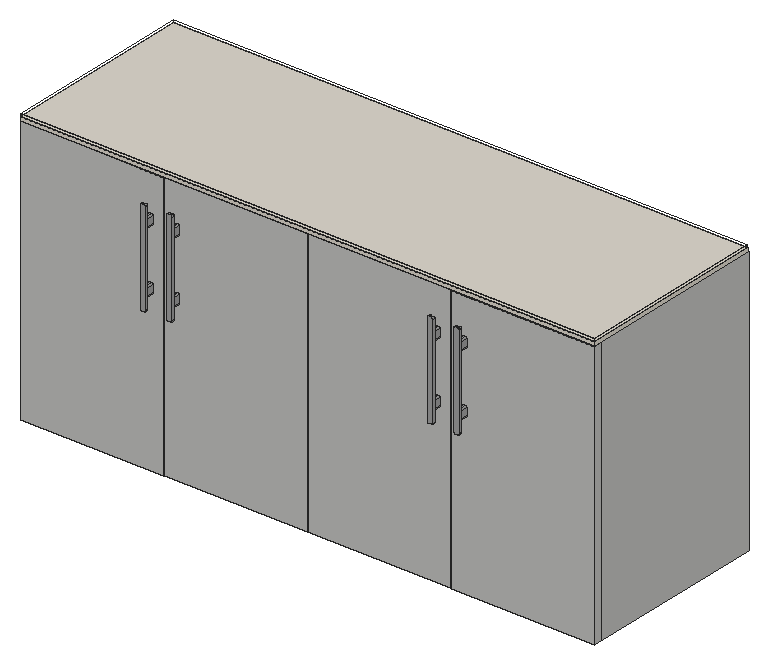
Revit family "Storage-Teknion-CWSC_Credenza_Closed_Cabinet-R2020", category Furniture, Revit 2020
Family settings
  OmniClass Number = 23.40.20.00
  OmniClass Title = General Furniture and Specialties
  Work Plane-Based = No
  Always vertical = Yes
  Cut with Voids When Loaded = No
  Shared = Yes
  Room Calculation Point = No
Parameters (values of type "Has Backpainted Glass Top")
  Width [instance] = 60.000"
  Warranty = "http://www.teknion.com/ca/papers/legal-canada"
  Unit Weight URL = "http://www.teknion.com/ca/tools/assets#&asset=bee6a381-b954-425e-8283-5a2de3a804f2,f828d448-4b62-4231-9e5f-9a8991c0ed77"
  URL = "www.teknion.com"
  Triple Bay [instance] = Width > 89.000"  # no
  Top Finish Note = "Choose a Backpainted glass finish below"
  Top Finish = Back-painted Glass - K1 - Teknion - Storm White
  To render, please download texture images found here [instance] = "https://assets.teknion.com/web/5e81352c1dfdb467/revit-material-swatches/"
  Sustainability Data = "https://www.teknion.com/ca/tools/assets#&topic=216f99a5-57a0-44fc-b10a-9dee9b29ae4c&asset=444deb64-fe58-4b68-981e-f75e97781df7,b4ff2d81-9f2e-437d-9659-7cffb09c31cf"
  Solid Top Visibility = no
  Series = "Custom Wood"
  Pull Finish = Paint - Teknion - Mica - Graphite
  Product Page URL = "https://www.teknion.com/ca/products/product-details?productLineId=0d82026f-8e7a-673b-a6c8-ff05004460c4"
  Product Line = "C+D"
  Product Documentation Link = "https://assets.teknion.com/m/4a760d230ea90aca/original/C-D-Conference-Table-Sell-Sheet.pdf"
  Part Number = "CWSC"
  Model = "CWSC____"
  Manufacturer Phone = "416-661-3370"  # constant formula
  Manufacturer Fax = "416.661.4586"  # constant formula
  Manufacturer Contact Information = "http://www.teknion.com/ca/contactus"
  Manufacturer Address = "1150 Flint Road, Toronto, ON. M3J 2J5. Canada"  # constant formula
  Manufacturer = "Teknion"  # constant formula
  How To Use Teknion Materials User Guide [instance] = "https://assets.teknion.com/m/205dd0a49fa58060/original/How-to-add-a-Material-Library-and-Texture-Images-to-your-Revit-project.pdf"
  Height [instance] = 29.000"
  Glass Top Visibility = yes
  For Additional Finishes, please visit [instance] = "https://assets.teknion.com/m/44a8009b046e5d47/original/Teknion_Materials_Library.zip"
  Double Bay [instance] = Width < 89.000"  # yes
  Description = "Custom Wood Credenza, 1/2\" Top, Closed Cabinet, Backpainted Glass Top"
  Depth [instance] = 20.000"
  Default Elevation = 0.000"
  Case, Back & Front Finish = Laminate - Teknion - RV - Very White
  Available Widths [instance] = "60, 72, 90, and 108 Inches"  # constant formula
  Available Heights [instance] = "29, 36 inches."  # constant formula
  Available Depths [instance] = "20, 24 inches."  # constant formula
  Assembly Code = "E2020200"
  Actual Height [instance] = if(Height = 36.000", 35.834", 29.075")  # 29.075"
Reference planes (in)
  plane 1 "Center Front/Back": y = 0
  plane 2: z = 0
  plane 3 "Center Left/Right": x = 0
  plane 4 "Left": x = -30
  plane 5 "Right": x = 30
  plane 6 "Back": y = 10
  plane 7 "Front": y = -10
  plane 8 "Top": z = 29.075
  plane 9 "Bottom of Cabinet": z = 0.5
  plane 10 "Bottom of Top Surface": z = 28.46
  plane 11 "Top of Drawers": z = 28.38126
  plane 12: x = -10
  plane 13: x = 10
  plane 14: x = -15
  plane 15: x = 15
  plane 16: x = -20
  plane 17: x = 20
  plane 18: y = 7.27953
  plane 19: y = -9.19685
Forms (in)
  Sweep 1, solid, material "Back-painted Glass - K1 - Teknion - Storm White" <- "Top Finish", visible <- "Solid Top Visibility"
    path origin (0, 0, 0) x (1, 0, 0) y (0, 0, 1)
      loop
        line (0, 28.535) -> (0, 29.075)
    profile origin (0, 0, 28.805) x (-1, 0, 0) y (0, -1, 0)
      loop
        line (30, -10) -> (30, 10) -> (-30, 10) -> (-30, -10) -> (30, -10)
  Sweep 2, solid, material "Laminate - Teknion - RV - Very White" <- "Case, Back & Front Finish"
    path origin (0, 0, 0) x (1, 0, 0) y (0, 0, 1)
      loop
        line (0, 0.5) -> (0, 28.46)
    profile origin (0, 0, 14.48) x (-1, 0, 0) y (0, -1, 0)
      loop
        line (30, -10) -> (30, 9.19685) -> (29.27559, 9.19685) -> (29.27559, -10) -> (30, -10)
      loop
        line (-30, -10) -> (-29.27559, -10) -> (-29.27559, 9.19685) -> (-30, 9.19685) -> (-30, -10)
  Sweep 3, solid, material "Laminate - Teknion - RV - Very White" <- "Case, Back & Front Finish", visible <- "Double Bay"
    path origin (0, 0, 0) x (1, 0, 0) y (0, 1, 0)
      loop
        line (0, -10) -> (0, -9.27559)
    profile origin (0, -9.6378, 0) x (-1, 0, 0) y (0, 0, 1)
      loop
        line (30, 28.38126) -> (15.03937, 28.38126) -> (15.03937, 0.5) -> (30, 0.5) -> (30, 28.38126)
      loop
        line (0, 0.5) -> (14.96063, 0.5) -> (14.96063, 28.38126) -> (0, 28.38126) -> (0, 0.5)
  Sweep 4, solid, material "Laminate - Teknion - RV - Very White" <- "Case, Back & Front Finish", visible <- "Double Bay"
    path origin (0, 0, 0) x (1, 0, 0) y (0, 0, 1)
      loop
        line (0, 0.5) -> (0, 27.73559)
    profile origin (0, 0, 14.1178) x (-1, 0, 0) y (0, -1, 0)
      loop
        line (29.27559, -8) -> (29.27559, -7.27953) -> (0, -7.27953) -> (0, -8) -> (29.27559, -8)
  Sweep 5, solid, material "Laminate - Teknion - RV - Very White" <- "Case, Back & Front Finish", visible <- "Double Bay"
    path origin (0, 0, 0) x (1, 0, 0) y (0, 0, 1)
      loop
        line (0, 0.5) -> (0, 27.73559)
    profile origin (0, 0, 14.1178) x (-1, 0, 0) y (0, -1, 0)
      loop
        line (0, -8) -> (0, -7.27953) -> (-29.27559, -7.27953) -> (-29.27559, -8) -> (0, -8)
  Sweep 6, solid, material "Laminate - Teknion - RV - Very White" <- "Case, Back & Front Finish", visible <- "Triple Bay"
    path origin (0, 0, 0) x (1, 0, 0) y (0, 0, 1)
      loop
        line (0, 0.5) -> (0, 27.73559)
    profile origin (0, 0, 14.1178) x (-1, 0, 0) y (0, -1, 0)
      loop
        line (29.27559, -8) -> (29.27559, -7.27953) -> (10, -7.27953) -> (10, -8) -> (29.27559, -8)
  Sweep 7, solid, material "Laminate - Teknion - RV - Very White" <- "Case, Back & Front Finish", visible <- "Triple Bay"
    path origin (0, 0, 0) x (1, 0, 0) y (0, 0, 1)
      loop
        line (0, 0.5) -> (0, 27.81059)
    profile origin (0, 0, 14.1553) x (-1, 0, 0) y (0, -1, 0)
      loop
        line (10, -8) -> (10, -7.27953) -> (-10, -7.27953) -> (-10, -8) -> (10, -8)
  Sweep 8, solid, material "Laminate - Teknion - RV - Very White" <- "Case, Back & Front Finish", visible <- "Triple Bay"
    path origin (0, 0, 0) x (1, 0, 0) y (0, 0, 1)
      loop
        line (0, 0.5) -> (0, 27.81059)
    profile origin (0, 0, 14.1553) x (-1, 0, 0) y (0, -1, 0)
      loop
        line (-10, -8) -> (-10, -7.27953) -> (-29.27559, -7.27953) -> (-29.27559, -8) -> (-10, -8)
  Sweep 9, solid, material "Laminate - Teknion - RV - Very White" <- "Case, Back & Front Finish", visible <- "Double Bay"
    path origin (0, 0, 0) x (1, 0, 0) y (0, 1, 0)
      loop
        line (0, -10) -> (0, -9.27559)
    profile origin (0, -9.6378, 0) x (-1, 0, 0) y (0, 0, 1)
      loop
        line (0, 28.38126) -> (-14.96063, 28.38126) -> (-14.96063, 0.5) -> (0, 0.5) -> (0, 28.38126)
      loop
        line (-30, 0.5) -> (-15.03937, 0.5) -> (-15.03937, 28.38126) -> (-30, 28.38126) -> (-30, 0.5)
  Sweep 10, solid, material "Laminate - Teknion - RV - Very White" <- "Case, Back & Front Finish", visible <- "Triple Bay"
    path origin (0, 0, 0) x (1, 0, 0) y (0, 1, 0)
      loop
        line (0, -10) -> (0, -9.27559)
    profile origin (0, -9.6378, 0) x (-1, 0, 0) y (0, 0, 1)
      loop
        line (30, 28.38126) -> (20.03937, 28.38126) -> (20.03937, 0.5) -> (30, 0.5) -> (30, 28.38126)
      loop
        line (10, 28.38126) -> (10, 0.5) -> (19.96063, 0.5) -> (19.96063, 28.38126) -> (10, 28.38126)
  Sweep 11, solid, material "Laminate - Teknion - RV - Very White" <- "Case, Back & Front Finish", visible <- "Triple Bay"
    path origin (0, 0, 0) x (1, 0, 0) y (0, 1, 0)
      loop
        line (0, -10) -> (0, -9.27559)
    profile origin (0, -9.6378, 0) x (-1, 0, 0) y (0, 0, 1)
      loop
        line (0.03937, 28.38126) -> (0.03937, 0.5) -> (10, 0.5) -> (10, 28.38126) -> (0.03937, 28.38126)
      loop
        line (-0.03937, 0.5) -> (-0.03937, 28.38126) -> (-10, 28.38126) -> (-10, 0.5) -> (-0.03937, 0.5)
  Sweep 12, solid, material "Laminate - Teknion - RV - Very White" <- "Case, Back & Front Finish", visible <- "Triple Bay"
    path origin (0, 0, 0) x (1, 0, 0) y (0, 1, 0)
      loop
        line (0, -10) -> (0, -9.27559)
    profile origin (0, -9.6378, 0) x (-1, 0, 0) y (0, 0, 1)
      loop
        line (-19.96063, 28.38126) -> (-19.96063, 0.5) -> (-10, 0.5) -> (-10, 28.38126) -> (-19.96063, 28.38126)
      loop
        line (-20.03937, 0.5) -> (-20.03937, 28.38126) -> (-30, 28.38126) -> (-30, 0.5) -> (-20.03937, 0.5)
  Sweep 13, solid, material "Laminate - Teknion - RV - Very White" <- "Case, Back & Front Finish", visible <- "Double Bay"
    path origin (0, 0, 0) x (1, 0, 0) y (0, 1, 0)
      loop
        line (0, -9.19685) -> (0, 10)
    profile origin (0, 0.40157, 0) x (-1, 0, 0) y (0, 0, 1)
      loop
        line (29.27559, 28.46) -> (0, 28.46) -> (0, 27.73559) -> (29.27559, 27.73559) -> (29.27559, 28.46)
  Sweep 14, solid, material "Laminate - Teknion - RV - Very White" <- "Case, Back & Front Finish", visible <- "Double Bay"
    path origin (0, 0, 0) x (1, 0, 0) y (0, 1, 0)
      loop
        line (0, -9.19685) -> (0, 10)
    profile origin (0, 0.40157, 0) x (-1, 0, 0) y (0, 0, 1)
      loop
        line (0, 28.46) -> (-29.27559, 28.46) -> (-29.27559, 27.73559) -> (0, 27.73559) -> (0, 28.46)
  Sweep 15, solid, material "Laminate - Teknion - RV - Very White" <- "Case, Back & Front Finish", visible <- "Triple Bay"
    path origin (0, 0, 0) x (1, 0, 0) y (0, 1, 0)
      loop
        line (0, -9.19685) -> (0, 10)
    profile origin (0, 0.40157, 0) x (-1, 0, 0) y (0, 0, 1)
      loop
        line (10, 28.46) -> (10, 27.73559) -> (29.27559, 27.73559) -> (29.27559, 28.46) -> (10, 28.46)
      loop
        line (-10, 28.46) -> (-29.27559, 28.46) -> (-29.27559, 27.73559) -> (-10, 27.73559) -> (-10, 28.46)
  Sweep 16, solid, material "Laminate - Teknion - RV - Very White" <- "Case, Back & Front Finish", visible <- "Triple Bay"
    path origin (0, 0, 0) x (1, 0, 0) y (0, 1, 0)
      loop
        line (0, -9.19685) -> (0, 10)
    profile origin (0, 0.40157, 0) x (-1, 0, 0) y (0, 0, 1)
      loop
        line (10, 28.46) -> (-10, 28.46) -> (-10, 27.73559) -> (10, 27.73559) -> (10, 28.46)
  Sweep 17, solid, material "Laminate - Teknion - RV - Very White" <- "Case, Back & Front Finish", visible <- "Double Bay"
    path origin (0, 0, 0) x (1, 0, 0) y (0, 0, 1)
      loop
        line (0, 1.77559) -> (0, 2.5)
    profile origin (0, 0, 2.1378) x (-1, 0, 0) y (0, -1, 0)
      loop
        line (29.27559, -7.27953) -> (29.27559, 8.47244) -> (0.72441, 8.47244) -> (0.72441, -7.27953) -> (29.27559, -7.27953)
      loop
        line (-0.72441, -7.27953) -> (-0.72441, 8.47244) -> (-29.27559, 8.47244) -> (-29.27559, -7.27953) -> (-0.72441, -7.27953)
  Sweep 18, solid, material "Laminate - Teknion - RV - Very White" <- "Case, Back & Front Finish", visible <- "Triple Bay"
    path origin (0, 0, 0) x (1, 0, 0) y (0, 0, 1)
      loop
        line (0, 1.77559) -> (0, 2.5)
    profile origin (0, 0, 2.1378) x (-1, 0, 0) y (0, -1, 0)
      loop
        line (-9.27559, 8.47244) -> (-9.27559, -7.27953) -> (9.27559, -7.27953) -> (9.27559, 8.47244) -> (-9.27559, 8.47244)
      loop
        line (-10.72441, -7.27953) -> (-10.72441, 8.47244) -> (-29.27559, 8.47244) -> (-29.27559, -7.27953) -> (-10.72441, -7.27953)
      loop
        line (10.72441, 8.47244) -> (10.72441, -7.27953) -> (29.27559, -7.27953) -> (29.27559, 8.47244) -> (10.72441, 8.47244)
  Sweep 19, solid, material "Laminate - Teknion - RV - Very White" <- "Case, Back & Front Finish", visible <- "Double Bay"
    path origin (0, 0, 0) x (1, 0, 0) y (0, 1, 0)
      loop
        line (0, -9.19685) -> (0, -8.47244)
    profile origin (0, -8.83465, 0) x (-1, 0, 0) y (0, 0, 1)
      loop
        line (29.27559, 2.5) -> (0.72441, 2.5) -> (0.72441, 0.5) -> (29.27559, 0.5) -> (29.27559, 2.5)
      loop
        line (-0.72441, 2.5) -> (-29.27559, 2.5) -> (-29.27559, 0.5) -> (-0.72441, 0.5) -> (-0.72441, 2.5)
  Sweep 20, solid, material "Laminate - Teknion - RV - Very White" <- "Case, Back & Front Finish", visible <- "Triple Bay"
    path origin (0, 0, 0) x (1, 0, 0) y (0, 1, 0)
      loop
        line (0, -9.19685) -> (0, -8.47244)
    profile origin (0, -8.83465, 0) x (-1, 0, 0) y (0, 0, 1)
      loop
        line (-9.27559, 2.5) -> (-9.27559, 0.5) -> (9.27559, 0.5) -> (9.27559, 2.5) -> (-9.27559, 2.5)
      loop
        line (-10.72441, 2.5) -> (-29.27559, 2.5) -> (-29.27559, 0.5) -> (-10.72441, 0.5) -> (-10.72441, 2.5)
      loop
        line (10.72441, 2.5) -> (10.72441, 0.5) -> (29.27559, 0.5) -> (29.27559, 2.5) -> (10.72441, 2.5)
  Sweep 21, solid, material "Laminate - Teknion - RV - Very White" <- "Case, Back & Front Finish", visible <- "Double Bay"
    path origin (0, 0, 0) x (1, 0, 0) y (0, 1, 0)
      loop
        line (0, -9.19685) -> (0, 7.27953)
    profile origin (0, -0.95866, 0) x (-1, 0, 0) y (0, 0, 1)
      loop
        line (0.72441, 27.73559) -> (0, 27.73559) -> (0, 0.5) -> (0.72441, 0.5) -> (0.72441, 27.73559)
  Sweep 22, solid, material "Laminate - Teknion - RV - Very White" <- "Case, Back & Front Finish", visible <- "Double Bay"
    path origin (0, 0, 0) x (1, 0, 0) y (0, 1, 0)
      loop
        line (0, -9.19685) -> (0, 7.27953)
    profile origin (0, -0.95866, 0) x (-1, 0, 0) y (0, 0, 1)
      loop
        line (0, 0.5) -> (0, 27.73559) -> (-0.72441, 27.73559) -> (-0.72441, 0.5) -> (0, 0.5)
  Sweep 23, solid, material "Laminate - Teknion - RV - Very White" <- "Case, Back & Front Finish", visible <- "Triple Bay"
    path origin (0, 0, 0) x (1, 0, 0) y (0, 1, 0)
      loop
        line (0, -9.19685) -> (0, 7.27953)
    profile origin (0, -0.95866, 0) x (-1, 0, 0) y (0, 0, 1)
      loop
        line (10.72441, 27.73559) -> (10, 27.73559) -> (10, 0.5) -> (10.72441, 0.5) -> (10.72441, 27.73559)
      loop
        line (-10.72441, 27.73559) -> (-10.72441, 0.5) -> (-10, 0.5) -> (-10, 27.73559) -> (-10.72441, 27.73559)
  Sweep 24, solid, material "Laminate - Teknion - RV - Very White" <- "Case, Back & Front Finish", visible <- "Triple Bay"
    path origin (0, 0, 0) x (1, 0, 0) y (0, 1, 0)
      loop
        line (0, -9.19685) -> (0, 7.27953)
    profile origin (0, -0.95866, 0) x (-1, 0, 0) y (0, 0, 1)
      loop
        line (9.27559, 27.73559) -> (9.27559, 0.5) -> (10, 0.5) -> (10, 27.73559) -> (9.27559, 27.73559)
      loop
        line (-9.27559, 27.73559) -> (-10, 27.73559) -> (-10, 0.5) -> (-9.27559, 0.5) -> (-9.27559, 27.73559)
  Sweep 25, solid, material "Paint - Teknion - Foundation - Ebony"
    path origin (0, 0, 0) x (1, 0, 0) y (0, 0, 1)
      loop
        line (0, 0) -> (0, 1.77559)
    profile origin (0, 0, 0.8878) x (-1, 0, 0) y (0, -1, 0)
      loop
        circle (28.2795, -6.25023) r 0.5
      loop
        circle (28.2795, 7.4475) r 0.5
      loop
        circle (-28.2795, -6.25023) r 0.5
      loop
        circle (-28.2795, 7.4475) r 0.5
  Sweep 26, solid, material "Paint - Teknion - Foundation - Ebony", visible <- "Double Bay"
    path origin (0, 0, 0) x (1, 0, 0) y (0, 0, 1)
      loop
        line (0, 0) -> (0, 1.77559)
    profile origin (0, 0, 0.8878) x (-1, 0, 0) y (0, -1, 0)
      loop
        circle (1.7205, -6.25023) r 0.5
      loop
        circle (-1.7205, -6.25023) r 0.5
      loop
        circle (1.7205, 7.4475) r 0.5
      loop
        circle (-1.7205, 7.4475) r 0.5
  Sweep 27, solid, material "Paint - Teknion - Foundation - Ebony", visible <- "Triple Bay"
    path origin (0, 0, 0) x (1, 0, 0) y (0, 0, 1)
      loop
        line (0, 0) -> (0, 1.77559)
    profile origin (0, 0, 0.8878) x (-1, 0, 0) y (0, -1, 0)
      loop
        circle (11.7205, -6.25023) r 0.5
      loop
        circle (11.7205, 7.4475) r 0.5
      loop
        circle (8.2795, -6.25023) r 0.5
      loop
        circle (8.2795, 7.4475) r 0.5
      loop
        circle (-8.2795, -6.25023) r 0.5
      loop
        circle (-8.2795, 7.4475) r 0.5
      loop
        circle (-11.7205, -6.25023) r 0.5
      loop
        circle (-11.7205, 7.4475) r 0.5
  Sweep 28, solid, material "Paint - Teknion - Mica - Graphite" <- "Pull Finish", visible <- "Double Bay"
    path origin (0, 0, 0) x (1, 0, 0) y (0, 1, 0)
      loop
        line (0, -11.00394) -> (0, -10.81363)
    profile origin (0, -10.90878, 0) x (-1, 0, 0) y (0, 0, 1)
      loop
        line (13.75984, 25.85783) -> (13.48425, 25.85783)
        arc (13.48425, 25.85783) -> (13.38682, 25.81748) -> (13.34646, 25.72004) r 0.1378
        line (13.34646, 25.72004) -> (13.34646, 15.99563)
        arc (13.34646, 15.99563) -> (13.38682, 15.89819) -> (13.48425, 15.85783) r 0.1378
        line (13.48425, 15.85783) -> (13.75984, 15.85783)
        arc (13.75984, 15.85783) -> (13.85728, 15.89819) -> (13.89764, 15.99563) r 0.1378
        line (13.89764, 15.99563) -> (13.89764, 25.72004)
        arc (13.89764, 25.72004) -> (13.85728, 25.81748) -> (13.75984, 25.85783) r 0.1378
      loop
        line (16.24016, 15.85783) -> (16.51575, 15.85783)
        arc (16.51575, 15.85783) -> (16.61318, 15.89819) -> (16.65354, 15.99563) r 0.1378
        line (16.65354, 15.99563) -> (16.65354, 25.72004)
        arc (16.65354, 25.72004) -> (16.61318, 25.81748) -> (16.51575, 25.85783) r 0.1378
        line (16.51575, 25.85783) -> (16.24016, 25.85783)
        arc (16.24016, 25.85783) -> (16.14272, 25.81748) -> (16.10236, 25.72004) r 0.1378
        line (16.10236, 25.72004) -> (16.10236, 15.99563)
        arc (16.10236, 15.99563) -> (16.14272, 15.89819) -> (16.24016, 15.85783) r 0.1378
      loop
        arc (-13.75984, 25.85783) -> (-13.85728, 25.81748) -> (-13.89764, 25.72004) r 0.1378
        line (-13.89764, 25.72004) -> (-13.89764, 15.99563)
        arc (-13.89764, 15.99563) -> (-13.85728, 15.89819) -> (-13.75984, 15.85783) r 0.1378
        line (-13.75984, 15.85783) -> (-13.48425, 15.85783)
        arc (-13.48425, 15.85783) -> (-13.38682, 15.89819) -> (-13.34646, 15.99563) r 0.1378
        line (-13.34646, 15.99563) -> (-13.34646, 25.72004)
        arc (-13.34646, 25.72004) -> (-13.38682, 25.81748) -> (-13.48425, 25.85783) r 0.1378
        line (-13.48425, 25.85783) -> (-13.75984, 25.85783)
      loop
        arc (-16.24016, 15.85783) -> (-16.14272, 15.89819) -> (-16.10236, 15.99563) r 0.1378
        line (-16.10236, 15.99563) -> (-16.10236, 25.72004)
        arc (-16.10236, 25.72004) -> (-16.14272, 25.81748) -> (-16.24016, 25.85783) r 0.1378
        line (-16.24016, 25.85783) -> (-16.51575, 25.85783)
        arc (-16.51575, 25.85783) -> (-16.61318, 25.81748) -> (-16.65354, 25.72004) r 0.1378
        line (-16.65354, 25.72004) -> (-16.65354, 15.99563)
        arc (-16.65354, 15.99563) -> (-16.61318, 15.89819) -> (-16.51575, 15.85783) r 0.1378
        line (-16.51575, 15.85783) -> (-16.24016, 15.85783)
  Sweep 29, solid, material "Paint - Teknion - Mica - Graphite" <- "Pull Finish", visible <- "Double Bay"
    path origin (0, 0, 0) x (1, 0, 0) y (0, 1, 0)
      loop
        line (0, -10.81363) -> (0, -10)
    profile origin (0, -10.40682, 0) x (-1, 0, 0) y (0, 0, 1)
      loop
        line (16.43701, 24.54799) -> (16.3189, 24.54799)
        arc (16.3189, 24.54799) -> (16.2177, 24.50608) -> (16.17579, 24.40488) r 0.14311
        line (16.17579, 24.40488) -> (16.17579, 23.61748)
        arc (16.17579, 23.61748) -> (16.2177, 23.51629) -> (16.3189, 23.47437) r 0.14311
        line (16.3189, 23.47437) -> (16.43701, 23.47437)
        arc (16.43701, 23.47437) -> (16.5382, 23.51629) -> (16.58012, 23.61748) r 0.14311
        line (16.58012, 23.61748) -> (16.58012, 24.40488)
        arc (16.58012, 24.40488) -> (16.5382, 24.50608) -> (16.43701, 24.54799) r 0.14311
      loop
        arc (13.56299, 24.54799) -> (13.4618, 24.50608) -> (13.41988, 24.40488) r 0.14311
        line (13.41988, 24.40488) -> (13.41988, 23.61748)
        arc (13.41988, 23.61748) -> (13.4618, 23.51629) -> (13.56299, 23.47437) r 0.14311
        line (13.56299, 23.47437) -> (13.6811, 23.47437)
        arc (13.6811, 23.47437) -> (13.7823, 23.51629) -> (13.82421, 23.61748) r 0.14311
        line (13.82421, 23.61748) -> (13.82421, 24.40488)
        arc (13.82421, 24.40488) -> (13.7823, 24.50608) -> (13.6811, 24.54799) r 0.14311
        line (13.6811, 24.54799) -> (13.56299, 24.54799)
      loop
        line (16.43701, 18.09099) -> (16.3189, 18.09099)
        arc (16.3189, 18.09099) -> (16.2177, 18.04907) -> (16.17579, 17.94788) r 0.14311
        line (16.17579, 17.94788) -> (16.17579, 17.16047)
        arc (16.17579, 17.16047) -> (16.2177, 17.05928) -> (16.3189, 17.01736) r 0.14311
        line (16.3189, 17.01736) -> (16.43701, 17.01736)
        arc (16.43701, 17.01736) -> (16.5382, 17.05928) -> (16.58012, 17.16047) r 0.14311
        line (16.58012, 17.16047) -> (16.58012, 17.94788)
        arc (16.58012, 17.94788) -> (16.5382, 18.04907) -> (16.43701, 18.09099) r 0.14311
      loop
        arc (13.56299, 18.09099) -> (13.4618, 18.04907) -> (13.41988, 17.94788) r 0.14311
        line (13.41988, 17.94788) -> (13.41988, 17.16047)
        arc (13.41988, 17.16047) -> (13.4618, 17.05928) -> (13.56299, 17.01736) r 0.14311
        line (13.56299, 17.01736) -> (13.6811, 17.01736)
        arc (13.6811, 17.01736) -> (13.7823, 17.05928) -> (13.82421, 17.16047) r 0.14311
        line (13.82421, 17.16047) -> (13.82421, 17.94788)
        arc (13.82421, 17.94788) -> (13.7823, 18.04907) -> (13.6811, 18.09099) r 0.14311
        line (13.6811, 18.09099) -> (13.56299, 18.09099)
      loop
        arc (-16.43701, 24.54799) -> (-16.5382, 24.50608) -> (-16.58012, 24.40488) r 0.14311
        line (-16.58012, 24.40488) -> (-16.58012, 23.61748)
        arc (-16.58012, 23.61748) -> (-16.5382, 23.51629) -> (-16.43701, 23.47437) r 0.14311
        line (-16.43701, 23.47437) -> (-16.3189, 23.47437)
        arc (-16.3189, 23.47437) -> (-16.2177, 23.51629) -> (-16.17579, 23.61748) r 0.14311
        line (-16.17579, 23.61748) -> (-16.17579, 24.40488)
        arc (-16.17579, 24.40488) -> (-16.2177, 24.50608) -> (-16.3189, 24.54799) r 0.14311
        line (-16.3189, 24.54799) -> (-16.43701, 24.54799)
      loop
        line (-13.56299, 24.54799) -> (-13.6811, 24.54799)
        arc (-13.6811, 24.54799) -> (-13.7823, 24.50608) -> (-13.82421, 24.40488) r 0.14311
        line (-13.82421, 24.40488) -> (-13.82421, 23.61748)
        arc (-13.82421, 23.61748) -> (-13.7823, 23.51629) -> (-13.6811, 23.47437) r 0.14311
        line (-13.6811, 23.47437) -> (-13.56299, 23.47437)
        arc (-13.56299, 23.47437) -> (-13.4618, 23.51629) -> (-13.41988, 23.61748) r 0.14311
        line (-13.41988, 23.61748) -> (-13.41988, 24.40488)
        arc (-13.41988, 24.40488) -> (-13.4618, 24.50608) -> (-13.56299, 24.54799) r 0.14311
      loop
        arc (-16.43701, 18.09099) -> (-16.5382, 18.04907) -> (-16.58012, 17.94788) r 0.14311
        line (-16.58012, 17.94788) -> (-16.58012, 17.16047)
        arc (-16.58012, 17.16047) -> (-16.5382, 17.05928) -> (-16.43701, 17.01736) r 0.14311
        line (-16.43701, 17.01736) -> (-16.3189, 17.01736)
        arc (-16.3189, 17.01736) -> (-16.2177, 17.05928) -> (-16.17579, 17.16047) r 0.14311
        line (-16.17579, 17.16047) -> (-16.17579, 17.94788)
        arc (-16.17579, 17.94788) -> (-16.2177, 18.04907) -> (-16.3189, 18.09099) r 0.14311
        line (-16.3189, 18.09099) -> (-16.43701, 18.09099)
      loop
        line (-13.56299, 18.09099) -> (-13.6811, 18.09099)
        arc (-13.6811, 18.09099) -> (-13.7823, 18.04907) -> (-13.82421, 17.94788) r 0.14311
        line (-13.82421, 17.94788) -> (-13.82421, 17.16047)
        arc (-13.82421, 17.16047) -> (-13.7823, 17.05928) -> (-13.6811, 17.01736) r 0.14311
        line (-13.6811, 17.01736) -> (-13.56299, 17.01736)
        arc (-13.56299, 17.01736) -> (-13.4618, 17.05928) -> (-13.41988, 17.16047) r 0.14311
        line (-13.41988, 17.16047) -> (-13.41988, 17.94788)
        arc (-13.41988, 17.94788) -> (-13.4618, 18.04907) -> (-13.56299, 18.09099) r 0.14311
  Sweep 30, solid, material "Paint - Teknion - Mica - Graphite" <- "Pull Finish", visible <- "Triple Bay"
    path origin (0, 0, 0) x (1, 0, 0) y (0, 1, 0)
      loop
        line (0, -11.00394) -> (0, -10.81363)
    profile origin (0, -10.90878, 0) x (-1, 0, 0) y (0, 0, 1)
      loop
        line (21.51665, 25.85783) -> (21.24106, 25.85783)
        arc (21.24106, 25.85783) -> (21.14363, 25.81748) -> (21.10327, 25.72004) r 0.1378
        line (21.10327, 25.72004) -> (21.10327, 15.99563)
        arc (21.10327, 15.99563) -> (21.14363, 15.89819) -> (21.24106, 15.85783) r 0.1378
        line (21.24106, 15.85783) -> (21.51665, 15.85783)
        arc (21.51665, 15.85783) -> (21.61409, 15.89819) -> (21.65445, 15.99563) r 0.1378
        line (21.65445, 15.99563) -> (21.65445, 25.72004)
        arc (21.65445, 25.72004) -> (21.61409, 25.81748) -> (21.51665, 25.85783) r 0.1378
      loop
        line (18.4853, 15.85783) -> (18.76089, 15.85783)
        arc (18.76089, 15.85783) -> (18.85833, 15.89819) -> (18.89869, 15.99563) r 0.1378
        line (18.89869, 15.99563) -> (18.89869, 25.72004)
        arc (18.89869, 25.72004) -> (18.85833, 25.81748) -> (18.76089, 25.85783) r 0.1378
        line (18.76089, 25.85783) -> (18.4853, 25.85783)
        arc (18.4853, 25.85783) -> (18.38786, 25.81748) -> (18.3475, 25.72004) r 0.1378
        line (18.3475, 25.72004) -> (18.3475, 15.99563)
        arc (18.3475, 15.99563) -> (18.38786, 15.89819) -> (18.4853, 15.85783) r 0.1378
      loop
        arc (-21.51665, 25.85783) -> (-21.61409, 25.81748) -> (-21.65445, 25.72004) r 0.1378
        line (-21.65445, 25.72004) -> (-21.65445, 15.99563)
        arc (-21.65445, 15.99563) -> (-21.61409, 15.89819) -> (-21.51665, 15.85783) r 0.1378
        line (-21.51665, 15.85783) -> (-21.24106, 15.85783)
        arc (-21.24106, 15.85783) -> (-21.14363, 15.89819) -> (-21.10327, 15.99563) r 0.1378
        line (-21.10327, 15.99563) -> (-21.10327, 25.72004)
        arc (-21.10327, 25.72004) -> (-21.14363, 25.81748) -> (-21.24106, 25.85783) r 0.1378
        line (-21.24106, 25.85783) -> (-21.51665, 25.85783)
      loop
        arc (-18.4853, 15.85783) -> (-18.38786, 15.89819) -> (-18.3475, 15.99563) r 0.1378
        line (-18.3475, 15.99563) -> (-18.3475, 25.72004)
        arc (-18.3475, 25.72004) -> (-18.38786, 25.81748) -> (-18.4853, 25.85783) r 0.1378
        line (-18.4853, 25.85783) -> (-18.76089, 25.85783)
        arc (-18.76089, 25.85783) -> (-18.85833, 25.81748) -> (-18.89869, 25.72004) r 0.1378
        line (-18.89869, 25.72004) -> (-18.89869, 15.99563)
        arc (-18.89869, 15.99563) -> (-18.85833, 15.89819) -> (-18.76089, 15.85783) r 0.1378
        line (-18.76089, 15.85783) -> (-18.4853, 15.85783)
      loop
        line (1.51665, 25.85783) -> (1.24106, 25.85783)
        arc (1.24106, 25.85783) -> (1.14363, 25.81748) -> (1.10327, 25.72004) r 0.1378
        line (1.10327, 25.72004) -> (1.10327, 15.99563)
        arc (1.10327, 15.99563) -> (1.14363, 15.89819) -> (1.24106, 15.85783) r 0.1378
        line (1.24106, 15.85783) -> (1.51665, 15.85783)
        arc (1.51665, 15.85783) -> (1.61409, 15.89819) -> (1.65445, 15.99563) r 0.1378
        line (1.65445, 15.99563) -> (1.65445, 25.72004)
        arc (1.65445, 25.72004) -> (1.61409, 25.81748) -> (1.51665, 25.85783) r 0.1378
      loop
        line (-1.5147, 15.85783) -> (-1.23911, 15.85783)
        arc (-1.23911, 15.85783) -> (-1.14167, 15.89819) -> (-1.10131, 15.99563) r 0.1378
        line (-1.10131, 15.99563) -> (-1.10131, 25.72004)
        arc (-1.10131, 25.72004) -> (-1.14167, 25.81748) -> (-1.23911, 25.85783) r 0.1378
        line (-1.23911, 25.85783) -> (-1.5147, 25.85783)
        arc (-1.5147, 25.85783) -> (-1.61214, 25.81748) -> (-1.6525, 25.72004) r 0.1378
        line (-1.6525, 25.72004) -> (-1.6525, 15.99563)
        arc (-1.6525, 15.99563) -> (-1.61214, 15.89819) -> (-1.5147, 15.85783) r 0.1378
  Sweep 31, solid, material "Paint - Teknion - Mica - Graphite" <- "Pull Finish", visible <- "Triple Bay"
    path origin (0, 0, 0) x (1, 0, 0) y (0, 1, 0)
      loop
        line (0, -10.81363) -> (0, -10)
    profile origin (0, -10.40682, 0) x (-1, 0, 0) y (0, 0, 1)
      loop
        line (18.68215, 24.62299) -> (18.56404, 24.62299)
        arc (18.56404, 24.62299) -> (18.46285, 24.58108) -> (18.42093, 24.47988) r 0.14311
        line (18.42093, 24.47988) -> (18.42093, 23.69248)
        arc (18.42093, 23.69248) -> (18.46285, 23.59129) -> (18.56404, 23.54937) r 0.14311
        line (18.56404, 23.54937) -> (18.68215, 23.54937)
        arc (18.68215, 23.54937) -> (18.78334, 23.59129) -> (18.82526, 23.69248) r 0.14311
        line (18.82526, 23.69248) -> (18.82526, 24.47988)
        arc (18.82526, 24.47988) -> (18.78334, 24.58108) -> (18.68215, 24.62299) r 0.14311
      loop
        arc (21.31995, 24.62299) -> (21.21875, 24.58108) -> (21.17683, 24.47988) r 0.14311
        line (21.17683, 24.47988) -> (21.17683, 23.69248)
        arc (21.17683, 23.69248) -> (21.21875, 23.59129) -> (21.31995, 23.54937) r 0.14311
        line (21.31995, 23.54937) -> (21.43806, 23.54937)
        arc (21.43806, 23.54937) -> (21.53925, 23.59129) -> (21.58117, 23.69248) r 0.14311
        line (21.58117, 23.69248) -> (21.58117, 24.47988)
        arc (21.58117, 24.47988) -> (21.53925, 24.58108) -> (21.43806, 24.62299) r 0.14311
        line (21.43806, 24.62299) -> (21.31995, 24.62299)
      loop
        line (18.68215, 18.16599) -> (18.56404, 18.16599)
        arc (18.56404, 18.16599) -> (18.46285, 18.12407) -> (18.42093, 18.02288) r 0.14311
        line (18.42093, 18.02288) -> (18.42093, 17.23547)
        arc (18.42093, 17.23547) -> (18.46285, 17.13428) -> (18.56404, 17.09236) r 0.14311
        line (18.56404, 17.09236) -> (18.68215, 17.09236)
        arc (18.68215, 17.09236) -> (18.78334, 17.13428) -> (18.82526, 17.23547) r 0.14311
        line (18.82526, 17.23547) -> (18.82526, 18.02288)
        arc (18.82526, 18.02288) -> (18.78334, 18.12407) -> (18.68215, 18.16599) r 0.14311
      loop
        arc (21.31995, 18.16599) -> (21.21875, 18.12407) -> (21.17683, 18.02288) r 0.14311
        line (21.17683, 18.02288) -> (21.17683, 17.23547)
        arc (21.17683, 17.23547) -> (21.21875, 17.13428) -> (21.31995, 17.09236) r 0.14311
        line (21.31995, 17.09236) -> (21.43806, 17.09236)
        arc (21.43806, 17.09236) -> (21.53925, 17.13428) -> (21.58117, 17.23547) r 0.14311
        line (21.58117, 17.23547) -> (21.58117, 18.02288)
        arc (21.58117, 18.02288) -> (21.53925, 18.12407) -> (21.43806, 18.16599) r 0.14311
        line (21.43806, 18.16599) -> (21.31995, 18.16599)
      loop
        arc (-18.68215, 24.62299) -> (-18.78334, 24.58108) -> (-18.82526, 24.47988) r 0.14311
        line (-18.82526, 24.47988) -> (-18.82526, 23.69248)
        arc (-18.82526, 23.69248) -> (-18.78334, 23.59129) -> (-18.68215, 23.54937) r 0.14311
        line (-18.68215, 23.54937) -> (-18.56404, 23.54937)
        arc (-18.56404, 23.54937) -> (-18.46285, 23.59129) -> (-18.42093, 23.69248) r 0.14311
        line (-18.42093, 23.69248) -> (-18.42093, 24.47988)
        arc (-18.42093, 24.47988) -> (-18.46285, 24.58108) -> (-18.56404, 24.62299) r 0.14311
        line (-18.56404, 24.62299) -> (-18.68215, 24.62299)
      loop
        line (-21.31995, 24.62299) -> (-21.43806, 24.62299)
        arc (-21.43806, 24.62299) -> (-21.53925, 24.58108) -> (-21.58117, 24.47988) r 0.14311
        line (-21.58117, 24.47988) -> (-21.58117, 23.69248)
        arc (-21.58117, 23.69248) -> (-21.53925, 23.59129) -> (-21.43806, 23.54937) r 0.14311
        line (-21.43806, 23.54937) -> (-21.31995, 23.54937)
        arc (-21.31995, 23.54937) -> (-21.21875, 23.59129) -> (-21.17683, 23.69248) r 0.14311
        line (-21.17683, 23.69248) -> (-21.17683, 24.47988)
        arc (-21.17683, 24.47988) -> (-21.21875, 24.58108) -> (-21.31995, 24.62299) r 0.14311
      loop
        arc (-18.68215, 18.16599) -> (-18.78334, 18.12407) -> (-18.82526, 18.02288) r 0.14311
        line (-18.82526, 18.02288) -> (-18.82526, 17.23547)
        arc (-18.82526, 17.23547) -> (-18.78334, 17.13428) -> (-18.68215, 17.09236) r 0.14311
        line (-18.68215, 17.09236) -> (-18.56404, 17.09236)
        arc (-18.56404, 17.09236) -> (-18.46285, 17.13428) -> (-18.42093, 17.23547) r 0.14311
        line (-18.42093, 17.23547) -> (-18.42093, 18.02288)
        arc (-18.42093, 18.02288) -> (-18.46285, 18.12407) -> (-18.56404, 18.16599) r 0.14311
        line (-18.56404, 18.16599) -> (-18.68215, 18.16599)
      loop
        line (-21.31995, 18.16599) -> (-21.43806, 18.16599)
        arc (-21.43806, 18.16599) -> (-21.53925, 18.12407) -> (-21.58117, 18.02288) r 0.14311
        line (-21.58117, 18.02288) -> (-21.58117, 17.23547)
        arc (-21.58117, 17.23547) -> (-21.53925, 17.13428) -> (-21.43806, 17.09236) r 0.14311
        line (-21.43806, 17.09236) -> (-21.31995, 17.09236)
        arc (-21.31995, 17.09236) -> (-21.21875, 17.13428) -> (-21.17683, 17.23547) r 0.14311
        line (-21.17683, 17.23547) -> (-21.17683, 18.02288)
        arc (-21.17683, 18.02288) -> (-21.21875, 18.12407) -> (-21.31995, 18.16599) r 0.14311
      loop
        line (-1.3189, 24.62299) -> (-1.43701, 24.62299)
        arc (-1.43701, 24.62299) -> (-1.5382, 24.58108) -> (-1.58012, 24.47988) r 0.14311
        line (-1.58012, 24.47988) -> (-1.58012, 23.69248)
        arc (-1.58012, 23.69248) -> (-1.5382, 23.59129) -> (-1.43701, 23.54937) r 0.14311
        line (-1.43701, 23.54937) -> (-1.3189, 23.54937)
        arc (-1.3189, 23.54937) -> (-1.2177, 23.59129) -> (-1.17579, 23.69248) r 0.14311
        line (-1.17579, 23.69248) -> (-1.17579, 24.47988)
        arc (-1.17579, 24.47988) -> (-1.2177, 24.58108) -> (-1.3189, 24.62299) r 0.14311
      loop
        arc (1.3189, 24.62299) -> (1.2177, 24.58108) -> (1.17579, 24.47988) r 0.14311
        line (1.17579, 24.47988) -> (1.17579, 23.69248)
        arc (1.17579, 23.69248) -> (1.2177, 23.59129) -> (1.3189, 23.54937) r 0.14311
        line (1.3189, 23.54937) -> (1.43701, 23.54937)
        arc (1.43701, 23.54937) -> (1.5382, 23.59129) -> (1.58012, 23.69248) r 0.14311
        line (1.58012, 23.69248) -> (1.58012, 24.47988)
        arc (1.58012, 24.47988) -> (1.5382, 24.58108) -> (1.43701, 24.62299) r 0.14311
        line (1.43701, 24.62299) -> (1.3189, 24.62299)
      loop
        line (-1.3189, 18.16599) -> (-1.43701, 18.16599)
        arc (-1.43701, 18.16599) -> (-1.5382, 18.12407) -> (-1.58012, 18.02288) r 0.14311
        line (-1.58012, 18.02288) -> (-1.58012, 17.23547)
        arc (-1.58012, 17.23547) -> (-1.5382, 17.13428) -> (-1.43701, 17.09236) r 0.14311
        line (-1.43701, 17.09236) -> (-1.3189, 17.09236)
        arc (-1.3189, 17.09236) -> (-1.2177, 17.13428) -> (-1.17579, 17.23547) r 0.14311
        line (-1.17579, 17.23547) -> (-1.17579, 18.02288)
        arc (-1.17579, 18.02288) -> (-1.2177, 18.12407) -> (-1.3189, 18.16599) r 0.14311
      loop
        arc (1.3189, 18.16599) -> (1.2177, 18.12407) -> (1.17579, 18.02288) r 0.14311
        line (1.17579, 18.02288) -> (1.17579, 17.23547)
        arc (1.17579, 17.23547) -> (1.2177, 17.13428) -> (1.3189, 17.09236) r 0.14311
        line (1.3189, 17.09236) -> (1.43701, 17.09236)
        arc (1.43701, 17.09236) -> (1.5382, 17.13428) -> (1.58012, 17.23547) r 0.14311
        line (1.58012, 17.23547) -> (1.58012, 18.02288)
        arc (1.58012, 18.02288) -> (1.5382, 18.12407) -> (1.43701, 18.16599) r 0.14311
        line (1.43701, 18.16599) -> (1.3189, 18.16599)
  Sweep 32, solid, material "Back-painted Glass - K1 - Teknion - Storm White" <- "Top Finish", visible <- "Glass Top Visibility"
    path origin (0, 0, 0) x (1, 0, 0) y (0, 0, 1)
      loop
        line (0, 28.46) -> (0, 28.84)
    profile origin (0, 0, 28.65) x (-1, 0, 0) y (0, -1, 0)
      loop
        line (30, -10) -> (30, 10) -> (-30, 10) -> (-30, -10) -> (30, -10)
  Sweep 33, solid, material "Glass - Teknion - A5 - Standard - Clear", visible <- "Glass Top Visibility"
    path origin (0, 0, 0) x (1, 0, 0) y (0, 0, 1)
      loop
        line (0, 28.84) -> (0, 29.075)
    profile origin (0, 0, 28.9575) x (-1, 0, 0) y (0, -1, 0)
      loop
        line (30, -10) -> (30, 10) -> (-30, 10) -> (-30, -10) -> (30, -10)
Lines and regions (in)
  Masking region 1
    outline origin (0, 0, 0) x (1, 0, 0) y (0, 1, 0)
      loop
        line (-30, 10) -> (-30, -10) -> (30, -10) -> (30, 10) -> (-30, 10)
  Masking region 2, visible <- "Double Bay"
    outline origin (0, 0, 0) x (1, 0, 0) y (0, 1, 0)
      loop
        line (-16.58012, -10) -> (-16.58012, -10.81363) -> (-16.17579, -10.81363) -> (-16.17579, -10) -> (-16.58012, -10)
      loop
        line (-13.82421, -10) -> (-13.82421, -10.81363) -> (-13.41988, -10.81363) -> (-13.41988, -10) -> (-13.82421, -10)
      loop
        line (13.41988, -10) -> (13.41988, -10.81363) -> (13.82421, -10.81363) -> (13.82421, -10) -> (13.41988, -10)
      loop
        line (16.17579, -10) -> (16.17579, -10.81363) -> (16.58012, -10.81363) -> (16.58012, -10) -> (16.17579, -10)
  Masking region 3, visible <- "Double Bay"
    outline origin (0, 0, 0) x (1, 0, 0) y (0, 1, 0)
      loop
        line (-16.65354, -10.81363) -> (-16.65354, -11.00394) -> (-16.10236, -11.00394) -> (-16.10236, -10.81363) -> (-16.65354, -10.81363)
      loop
        line (-13.89764, -10.81363) -> (-13.89764, -11.00394) -> (-13.34646, -11.00394) -> (-13.34646, -10.81363) -> (-13.89764, -10.81363)
      loop
        line (13.34646, -10.81363) -> (13.34646, -11.00394) -> (13.89764, -11.00394) -> (13.89764, -10.81363) -> (13.34646, -10.81363)
      loop
        line (16.10236, -10.81363) -> (16.10236, -11.00394) -> (16.65354, -11.00394) -> (16.65354, -10.81363) -> (16.10236, -10.81363)
  Masking region 4, visible <- "Triple Bay"
    outline origin (0, 0, 0) x (1, 0, 0) y (0, 1, 0)
      loop
        line (-21.58117, -10) -> (-21.58117, -10.81363) -> (-21.17683, -10.81363) -> (-21.17683, -10) -> (-21.58117, -10)
      loop
        line (-18.82526, -10) -> (-18.82526, -10.81363) -> (-18.42093, -10.81363) -> (-18.42093, -10) -> (-18.82526, -10)
      loop
        line (-1.58012, -10) -> (-1.58012, -10.81363) -> (-1.17579, -10.81363) -> (-1.17579, -10) -> (-1.58012, -10)
      loop
        line (1.17579, -10) -> (1.17579, -10.81363) -> (1.58012, -10.81363) -> (1.58012, -10) -> (1.17579, -10)
      loop
        line (18.42093, -10) -> (18.42093, -10.81363) -> (18.82526, -10.81363) -> (18.82526, -10) -> (18.42093, -10)
      loop
        line (21.17683, -10) -> (21.17683, -10.81363) -> (21.58117, -10.81363) -> (21.58117, -10) -> (21.17683, -10)
  Masking region 5, visible <- "Triple Bay"
    outline origin (0, 0, 0) x (1, 0, 0) y (0, 1, 0)
      loop
        line (-21.65445, -10.81363) -> (-21.65445, -11.00394) -> (-21.10327, -11.00394) -> (-21.10327, -10.81363) -> (-21.65445, -10.81363)
      loop
        line (-18.89869, -10.81363) -> (-18.89869, -11.00394) -> (-18.3475, -11.00394) -> (-18.3475, -10.81363) -> (-18.89869, -10.81363)
      loop
        line (-1.65445, -10.81363) -> (-1.65445, -11.00394) -> (-1.10327, -11.00394) -> (-1.10327, -10.81363) -> (-1.65445, -10.81363)
      loop
        line (1.10131, -10.81363) -> (1.10131, -11.00394) -> (1.6525, -11.00394) -> (1.6525, -10.81363) -> (1.10131, -10.81363)
      loop
        line (18.3475, -10.81363) -> (18.3475, -11.00394) -> (18.89869, -11.00394) -> (18.89869, -10.81363) -> (18.3475, -10.81363)
      loop
        line (21.10327, -10.81363) -> (21.10327, -11.00394) -> (21.65445, -11.00394) -> (21.65445, -10.81363) -> (21.10327, -10.81363)
  symbolic lines, style "FurnitureHiddenLines", detail levels medium+fine
    curve 1: line (-29.27559, 10, 0) -> (-29.27559, -9.19685, 0)
    curve 2: line (29.27559, -9.19685, 0) -> (29.27559, 10, 0)
    curve 3: line (-30, -9.19685, 0) -> (30, -9.19685, 0)
    curve 4: line (-29.27559, 8, 0) -> (29.27559, 8, 0)
    curve 5: line (-29.27559, 7.27953, 0) -> (29.27559, 7.27953, 0)
    curve 6: line (-30, -9.27559, 0) -> (30, -9.27559, 0)
  symbolic lines, style "FurnitureHiddenLines", visible <- "Triple Bay", detail levels medium+fine
    curve 7: line (-10, 10, 0) -> (-10, -10, 0)
    curve 8: line (10, 10, 0) -> (10, -10, 0)
    curve 10: line (-10.72441, 7.27953, 0) -> (-10.72441, -9.19685, 0)
    curve 11: line (-9.27559, -9.19685, 0) -> (-9.27559, 7.27953, 0)
    curve 12: line (9.27559, 7.27953, 0) -> (9.27559, -9.19685, 0)
    curve 13: line (10.72441, 7.27953, 0) -> (10.72441, -9.19685, 0)
    curve 16: line (-20.03937, -9.27559, 0) -> (-20.03937, -10, 0)
    curve 17: line (-19.96063, -9.27559, 0) -> (-19.96063, -10, 0)
    curve 20: line (-0.03937, -9.27559, 0) -> (-0.03937, -10, 0)
    curve 21: line (0.03937, -9.27559, 0) -> (0.03937, -10, 0)
    curve 24: line (19.96063, -9.27559, 0) -> (19.96063, -10, 0)
    curve 25: line (20.03937, -9.27559, 0) -> (20.03937, -10, 0)
  symbolic lines, style "FurnitureHiddenLines", visible <- "Double Bay", detail levels medium+fine
    curve 9: line (0, 10, 0) -> (0, -10, 0)
    curve 14: line (-0.72441, 7.27953, 0) -> (-0.72441, -9.19685, 0)
    curve 15: line (0.72441, 7.27953, 0) -> (0.72441, -9.19685, 0)
    curve 18: line (-15.03937, -9.27559, 0) -> (-15.03937, -10, 0)
    curve 19: line (-14.96063, -9.27559, 0) -> (-14.96063, -10, 0)
    curve 22: line (14.96063, -9.27559, 0) -> (14.96063, -10, 0)
    curve 23: line (15.03937, -9.27559, 0) -> (15.03937, -10, 0)
  symbolic lines, style "FurnitureHiddenLines", detail levels fine
    curve 26: circle (-28.2795, 6.25023, 0) r 0.5 normal (0, 0, 1)
    curve 29: circle (-28.2795, -7.4475, 0) r 0.5 normal (0, 0, 1)
    curve 34: circle (28.2795, 6.25023, 0) r 0.5 normal (0, 0, -1)
    curve 37: circle (28.2795, -7.4475, 0) r 0.5 normal (0, 0, -1)
  symbolic lines, style "FurnitureHiddenLines", visible <- "Triple Bay", detail levels fine
    curve 27: circle (-11.7205, 6.25023, 0) r 0.5 normal (0, 0, 1)
    curve 28: circle (-8.2795, 6.25023, 0) r 0.5 normal (0, 0, 1)
    curve 30: circle (-11.7205, -7.4475, 0) r 0.5 normal (0, 0, 1)
    curve 31: circle (-8.2795, -7.4475, 0) r 0.5 normal (0, 0, 1)
    curve 35: circle (11.7205, 6.25023, 0) r 0.5 normal (0, 0, -1)
    curve 36: circle (8.2795, 6.25023, 0) r 0.5 normal (0, 0, -1)
    curve 38: circle (11.7205, -7.4475, 0) r 0.5 normal (0, 0, -1)
    curve 39: circle (8.2795, -7.4475, 0) r 0.5 normal (0, 0, -1)
  symbolic lines, style "FurnitureHiddenLines", visible <- "Double Bay", detail levels fine
    curve 32: circle (-1.7205, -7.4475, 0) r 0.5 normal (0, 0, 1)
    curve 33: circle (-1.7205, 6.25023, 0) r 0.5 normal (0, 0, 1)
    curve 40: circle (1.7205, -7.4475, 0) r 0.5 normal (0, 0, -1)
    curve 41: circle (1.7205, 6.25023, 0) r 0.5 normal (0, 0, -1)
  reference lines, not visible
    curve 42: line (-30, 10, 0) -> (-30, -10, 0)
    curve 43: line (-30, 10, 0) -> (30, 10, 0)
    curve 44: line (30, 10, 0) -> (30, -10, 0)
    curve 45: line (-30, -10, 0) -> (30, -10, 0)
Dimensions and locks (in)
  "Width": plane 4 "Left" to plane 5 "Right"
  "Depth": plane 6 "Back" to plane 7 "Front"
  "Actual Height": plane 8 "Top" to level
  equal spacing: plane 4 "Left", plane 3 "Center Left/Right", plane 5 "Right"
  equal spacing: plane 6 "Back", plane 1 "Center Front/Back", plane 7 "Front"
  equal spacing: plane 4 "Left", plane 12, plane 13, plane 5 "Right"
  equal spacing: plane 4 "Left", plane 14, plane 3 "Center Left/Right"
  equal spacing: plane 3 "Center Left/Right", plane 15, plane 5 "Right"
  locked: plane 8 "Top" to Sweep 1 sketch curve at 0.54
  locked: Sweep 2 sketch curve to plane 5 "Right" at 0.72441
  locked: plane 4 "Left" to Sweep 2 sketch curve at 0.72441
  locked: plane 7 "Front" to Sweep 2 sketch curve at 0.80315  (x2)
  locked: plane 7 "Front" to Sweep 3 sketch curve at 0.72441
  locked: plane 10 "Bottom of Top Surface" to Sweep 4 sketch curve at 0.72441
  locked: plane 4 "Left" to Sweep 4 sketch curve at 0.72441
  plane 6 "Back" to Sweep 4 sketch curve to Sweep 4 sketch curve = 2.000" locked, 0.72047" locked
  locked: plane 10 "Bottom of Top Surface" to Sweep 5 sketch curve at 0.72441
  locked: Sweep 5 sketch curve to plane 5 "Right" at 0.72441
  plane 6 "Back" to Sweep 5 sketch curve to Sweep 5 sketch curve = 2.000" locked, 0.72047" locked
  plane 10 "Bottom of Top Surface" to Sweep 6 sketch curve = 0.72441"
  locked: plane 4 "Left" to Sweep 6 sketch curve at 0.72441
  plane 6 "Back" to Sweep 6 sketch curve to Sweep 6 sketch curve = 2.000" locked, 0.72047" locked
  plane 6 "Back" to Sweep 7 sketch curve to Sweep 7 sketch curve = 2.000" locked, 0.72047" locked
  locked: Sweep 8 sketch curve to plane 5 "Right" at 0.72441
  plane 6 "Back" to Sweep 8 sketch curve to Sweep 8 sketch curve = 2.000" locked, 0.72047" locked
  locked: plane 8 "Top" to Sweep 7 sketch curve at 1.26441
  locked: plane 8 "Top" to Sweep 8 sketch curve at 1.26441
  locked: plane 7 "Front" to Sweep 9 sketch curve at 0.72441
  Sweep 3 sketch curve to plane 14 to Sweep 3 sketch curve = 0.03937" locked, 0.03937" locked
  Sweep 9 sketch curve to plane 15 to Sweep 9 sketch curve = 0.03937" locked, 0.03937" locked
  equal spacing: plane 4 "Left", plane 16, plane 12
  equal spacing: plane 13, plane 17, plane 5 "Right"
  locked: plane 7 "Front" to Sweep 10 sketch curve at 0.72441
  Sweep 10 sketch curve to plane 16 to Sweep 10 sketch curve = 0.03937" locked, 0.03937" locked
  locked: plane 7 "Front" to Sweep 11 sketch curve at 0.72441
  Sweep 11 sketch curve to plane 3 "Center Left/Right" to Sweep 11 sketch curve = 0.03937" locked, 0.03937" locked
  locked: plane 7 "Front" to Sweep 12 sketch curve at 0.72441
  Sweep 12 sketch curve to plane 17 to Sweep 12 sketch curve = 0.03937" locked, 0.03937" locked
  locked: plane 7 "Front" to Sweep 13 sketch curve at 0.80315
  locked: plane 10 "Bottom of Top Surface" to Sweep 13 sketch curve at 0.72441
  locked: Sweep 13 sketch curve to plane 4 "Left" at 0.72441
  locked: plane 7 "Front" to Sweep 14 sketch curve at 0.80315
  locked: plane 10 "Bottom of Top Surface" to Sweep 14 sketch curve at 0.72441
  locked: Sweep 14 sketch curve to plane 5 "Right" at 0.72441
  locked: plane 7 "Front" to Sweep 15 sketch curve at 0.80315
  locked: Sweep 15 sketch curve to plane 4 "Left" at 0.72441
  locked: plane 10 "Bottom of Top Surface" to Sweep 15 sketch curve at 0.72441  (x2)
  locked: Sweep 15 sketch curve to plane 5 "Right" at 0.72441
  plane 8 "Top" to plane 10 "Bottom of Top Surface" to plane 11 "Top of Drawers" = 0.615", 0.07874"
  locked: plane 9 "Bottom of Cabinet" to level at 0.5
  locked: plane 7 "Front" to Sweep 16 sketch curve at 0.80315
  locked: plane 10 "Bottom of Top Surface" to Sweep 16 sketch curve at 0.72441
  Sweep 17 sketch curve to Sweep 17 sketch curve to plane 9 "Bottom of Cabinet" = 0.72441" locked, 1.27559" locked
  locked: Sweep 17 sketch curve to plane 5 "Right" at 0.72441
  Sweep 17 sketch curve to plane 3 "Center Left/Right" to Sweep 17 sketch curve = 0.72441" locked, 0.72441" locked
  locked: plane 4 "Left" to Sweep 17 sketch curve at 0.72441
  locked: plane 6 "Back" to Sweep 17 sketch curve at 2.72047  (x2)
  locked: plane 7 "Front" to Sweep 17 sketch curve at 1.52756  (x2)
  Sweep 18 sketch curve to Sweep 18 sketch curve to plane 9 "Bottom of Cabinet" = 0.72441" locked, 1.27559" locked
  locked: plane 4 "Left" to Sweep 18 sketch curve at 0.72441
  Sweep 18 sketch curve to plane 12 to Sweep 18 sketch curve = 0.72441" locked, 0.72441" locked
  Sweep 18 sketch curve to plane 13 to Sweep 18 sketch curve = 0.72441" locked, 0.72441" locked
  locked: Sweep 18 sketch curve to plane 5 "Right" at 0.72441
  plane 6 "Back" to Sweep 18 sketch curve to Sweep 18 sketch curve to Sweep 18 sketch curve = 2.72047" locked, 0.000" locked, 0.000" locked
  plane 7 "Front" to Sweep 18 sketch curve to Sweep 18 sketch curve to Sweep 18 sketch curve = 1.52756" locked, 0.000" locked, 0.000" locked
  locked: Sweep 19 sketch curve to plane 4 "Left" at 0.72441
  locked: Sweep 19 sketch curve to plane 5 "Right" at 0.72441
  Sweep 19 sketch curve to plane 3 "Center Left/Right" to Sweep 19 sketch curve = 0.72441" locked, 0.72441" locked
  Sweep 19 sketch curve to Sweep 19 sketch curve to plane 9 "Bottom of Cabinet" = 0.000" locked, 2.000" locked
  plane 7 "Front" to Sweep 19 sketch curve to Sweep 19 sketch curve = 0.80315" locked, 0.72441" locked
  plane 7 "Front" to Sweep 20 sketch curve to Sweep 20 sketch curve = 0.80315" locked, 0.72441" locked
  locked: Sweep 20 sketch curve to plane 4 "Left" at 0.72441
  Sweep 20 sketch curve to plane 12 to Sweep 20 sketch curve = 0.72441" locked, 0.72441" locked
  Sweep 20 sketch curve to plane 13 to Sweep 20 sketch curve = 0.72441" locked, 0.72441" locked
  locked: Sweep 20 sketch curve to plane 5 "Right" at 0.72441
  Sweep 20 sketch curve to Sweep 20 sketch curve to Sweep 20 sketch curve to plane 9 "Bottom of Cabinet" = 0.000" locked, 0.000" locked, 2.000" locked
  locked: plane 6 "Back" to Sweep 21 sketch curve at 2.72047
  locked: plane 7 "Front" to Sweep 21 sketch curve at 0.80315
  locked: plane 3 "Center Left/Right" to Sweep 21 sketch curve at 0.72441
  locked: plane 11 "Top of Drawers" to Sweep 21 sketch curve at 0.64567
  locked: plane 6 "Back" to Sweep 22 sketch curve at 2.72047
  locked: plane 7 "Front" to Sweep 22 sketch curve at 0.80315
  locked: Sweep 22 sketch curve to plane 3 "Center Left/Right" at 0.72441
  locked: plane 11 "Top of Drawers" to Sweep 22 sketch curve at 0.64567
  locked: plane 6 "Back" to Sweep 23 sketch curve at 2.72047
  locked: plane 7 "Front" to Sweep 23 sketch curve at 0.80315
  plane 11 "Top of Drawers" to Sweep 23 sketch curve to Sweep 23 sketch curve = 0.64567" locked, 0.000" locked
  locked: plane 12 to Sweep 23 sketch curve at 0.72441
  locked: Sweep 23 sketch curve to plane 13 at 0.72441
  locked: plane 6 "Back" to Sweep 24 sketch curve at 2.72047
  locked: plane 7 "Front" to Sweep 24 sketch curve at 0.80315
  plane 11 "Top of Drawers" to Sweep 24 sketch curve to Sweep 24 sketch curve = 0.64567" locked, 0.000" locked
  locked: Sweep 24 sketch curve to plane 12 at 0.72441
  locked: plane 13 to Sweep 24 sketch curve at 0.72441
  locked: Sweep 25 sketch curve to level at 1.77559
  locked: plane 4 "Left" to Sweep 25 sketch curve at 1.7205  (x2)
  locked: plane 6 "Back" to Sweep 25 sketch curve at 3.74977  (x2)
  locked: Sweep 25 sketch curve to plane 5 "Right" at 1.7205  (x2)
  locked: plane 7 "Front" to Sweep 25 sketch curve at 2.5525  (x2)
  locked: Sweep 26 sketch curve to level at 1.77559
  Sweep 26 sketch curve to Sweep 26 sketch curve to plane 3 "Center Left/Right" to Sweep 26 sketch curve to Sweep 26 sketch curve = 0.000" locked, 1.7205" locked, 1.7205" locked, 0.000" locked
  Sweep 26 sketch curve to Sweep 26 sketch curve to plane 6 "Back" = 0.000" locked, 3.74977" locked
  locked: Sweep 27 sketch curve to level at 1.77559
  Sweep 27 sketch curve to Sweep 27 sketch curve to plane 12 to Sweep 27 sketch curve to Sweep 27 sketch curve = 0.000" locked, 1.7205" locked, 1.7205" locked, 0.000" locked
  Sweep 27 sketch curve to Sweep 27 sketch curve to plane 13 to Sweep 27 sketch curve to Sweep 27 sketch curve = 0.000" locked, 1.7205" locked, 1.7205" locked, 0.000" locked
  Sweep 27 sketch curve to Sweep 27 sketch curve to Sweep 27 sketch curve to Sweep 27 sketch curve to plane 6 "Back" = 0.000" locked, 0.000" locked, 0.000" locked, 3.74977" locked
  Sweep 28 sketch curve to Sweep 28 sketch curve to plane 7 "Front" = 0.19031" locked, 0.81363" locked
  Sweep 28 sketch curve to Sweep 28 sketch curve to Sweep 28 sketch curve to Sweep 28 sketch curve to Sweep 28 sketch curve to Sweep 28 sketch curve to plane 14 to Sweep 28 sketch curve to Sweep 28 sketch curve to Sweep 28 sketch curve to Sweep 28 sketch curve to Sweep 28 sketch curve to Sweep 28 sketch curve = 0.1378" locked, 0.000" locked, 0.27559" locked, 0.000" locked, 0.1378" locked, 1.10236" locked, 1.10236" locked, 0.1378" locked, 0.000" locked, 0.27559" locked, 0.000" locked, 0.1378" locked
  Sweep 28 sketch curve to Sweep 28 sketch curve to Sweep 28 sketch curve to Sweep 28 sketch curve to Sweep 28 sketch curve to Sweep 28 sketch curve to plane 15 to Sweep 28 sketch curve to Sweep 28 sketch curve to Sweep 28 sketch curve to Sweep 28 sketch curve to Sweep 28 sketch curve to Sweep 28 sketch curve = 0.1378" locked, 0.000" locked, 0.27559" locked, 0.000" locked, 0.1378" locked, 1.10236" locked, 1.10236" locked, 0.1378" locked, 0.000" locked, 0.27559" locked, 0.000" locked, 0.1378" locked
  plane 8 "Top" to Sweep 28 sketch curve to Sweep 28 sketch curve to Sweep 28 sketch curve to Sweep 28 sketch curve to Sweep 28 sketch curve to Sweep 28 sketch curve to Sweep 28 sketch curve to Sweep 28 sketch curve to Sweep 28 sketch curve to Sweep 28 sketch curve to Sweep 28 sketch curve to Sweep 28 sketch curve = 3.21717" locked, 0.000" locked, 0.1378" locked, 0.000" locked, 0.000" locked, 0.000" locked, 9.72441" locked, 0.000" locked, 0.000" locked, 0.000" locked, 0.1378" locked, 0.000" locked  (x2)
  locked: Sweep 29 sketch curve to plane 7 "Front" at 0.81363
  plane 11 "Top of Drawers" to Sweep 29 sketch curve to Sweep 29 sketch curve to Sweep 29 sketch curve to Sweep 29 sketch curve to Sweep 29 sketch curve to Sweep 29 sketch curve to Sweep 29 sketch curve to Sweep 29 sketch curve to Sweep 29 sketch curve to Sweep 29 sketch curve to Sweep 29 sketch curve to Sweep 29 sketch curve to Sweep 29 sketch curve to Sweep 29 sketch curve to Sweep 29 sketch curve to Sweep 29 sketch curve to Sweep 29 sketch curve to Sweep 29 sketch curve to Sweep 29 sketch curve to Sweep 29 sketch curve to Sweep 29 sketch curve to Sweep 29 sketch curve to Sweep 29 sketch curve to Sweep 29 sketch curve = 3.83327" locked, 0.000" locked, 0.14311" locked, 0.000" locked, 0.000" locked, 0.000" locked, 0.7874" locked, 0.000" locked, 0.000" locked, 0.000" locked, 0.14311" locked, 0.000" locked, 5.38338" locked, 0.000" locked, 0.14311" locked, 0.000" locked, 0.000" locked, 0.000" locked, 0.7874" locked, 0.000" locked, 0.000" locked, 0.000" locked, 0.14311" locked, 0.000" locked  (x2)
  Sweep 29 sketch curve to Sweep 29 sketch curve to Sweep 29 sketch curve to Sweep 29 sketch curve to Sweep 29 sketch curve to Sweep 29 sketch curve to Sweep 29 sketch curve to Sweep 29 sketch curve to Sweep 29 sketch curve to Sweep 29 sketch curve to Sweep 29 sketch curve to Sweep 29 sketch curve to plane 14 to Sweep 29 sketch curve to Sweep 29 sketch curve to Sweep 29 sketch curve to Sweep 29 sketch curve to Sweep 29 sketch curve to Sweep 29 sketch curve to Sweep 29 sketch curve to Sweep 29 sketch curve to Sweep 29 sketch curve to Sweep 29 sketch curve to Sweep 29 sketch curve to Sweep 29 sketch curve = 0.000" locked, 0.14311" locked, 0.000" locked, 0.000" locked, 0.000" locked, 0.11811" locked, 0.000" locked, 0.000" locked, 0.000" locked, 0.14311" locked, 0.000" locked, 1.17579" locked, 1.17579" locked, 0.000" locked, 0.14311" locked, 0.000" locked, 0.000" locked, 0.000" locked, 0.11811" locked, 0.000" locked, 0.000" locked, 0.000" locked, 0.14311" locked, 0.000" locked
